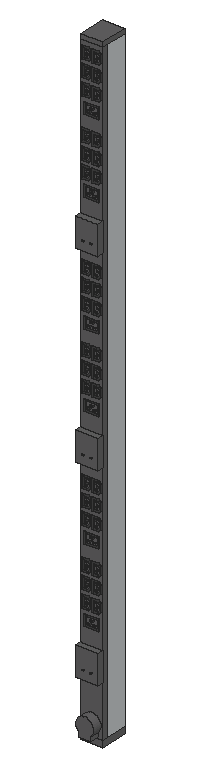
Revit family "PDU básico", category Installations électriques, Revit 2020 (continued)
Definition of nested family "Basic PDU_Prises"
  Nested families
    nested 191: "Prise rectangulaire" at (0, 0, 861.24), visible <- "646965", type "Prise rectangulaire"
    nested 192: "Prise rectangulaire" at (0, 0, 903.24), visible <- "646965", type "Prise rectangulaire"
    nested 193: "Prise ronde simple" at (0, 0, 938.705), visible <- "646965", type "Prise ronde simple"
    nested 194: "Prise ronde simple" at (0, 0, 971.705), visible <- "646965", type "Prise ronde simple"
    nested 195: "Prise ronde simple" at (0, 0, 1004.705), visible <- "646965", type "Prise ronde simple"
    nested 196: "Prise ronde simple" at (0, 0, 1037.705), visible <- "646965", type "Prise ronde simple"
    nested 197: "Prise ronde simple" at (0, 0, 1070.664), visible <- "646965", type "Prise ronde simple"
    nested 198: "Prise ronde simple" at (0, 0, 1103.664), visible <- "646965", type "Prise ronde simple"
    nested 199: "Prise ronde simple" at (0, 0, 1136.664), visible <- "646965", type "Prise ronde simple"
    nested 200: "Prise ronde simple" at (0, 0, 1169.664), visible <- "646965", type "Prise ronde simple"
    nested 201: "Module D" at (0, 0, 137.1), visible <- "646971", type "L = 52"
    nested 202: "Prise rectangulaire" at (0, 0, 254.981), visible <- "646971", type "Prise rectangulaire"
    nested 203: "Prise rectangulaire" at (0, 0, 296.981), visible <- "646971", type "Prise rectangulaire"
    nested 204: "Prise rectangulaire" at (0, 0, 338.981), visible <- "646971", type "Prise rectangulaire"
    nested 205: "Prise rectangulaire" at (0, 0, 380.942), visible <- "646971", type "Prise rectangulaire"
    nested 206: "Prise rectangulaire" at (0, 0, 422.942), visible <- "646971", type "Prise rectangulaire"
    nested 207: "Prise rectangulaire" at (0, 0, 464.942), visible <- "646971", type "Prise rectangulaire"
    nested 208: "Prise ronde double" at (0, 0, 502.963), visible <- "646971", type "Prise ronde double"
    nested 209: "Prise ronde double" at (0, 0, 541.963), visible <- "646971", type "Prise ronde double"
    nested 210: "Prise ronde double" at (0, 0, 580.963), visible <- "646971", type "Prise ronde double"
    nested 211: "Prise ronde double" at (0, 0, 619.963), visible <- "646971", type "Prise ronde double"
    nested 212: "Prise ronde double" at (0, 0, 658.963), visible <- "646971", type "Prise ronde double"
    nested 213: "Prise ronde double" at (0, 0, 697.963), visible <- "646971", type "Prise ronde double"
    nested 214: "Prise rectangulaire" at (0, 0, 755.539), visible <- "646971", type "Prise rectangulaire"
    nested 215: "Prise rectangulaire" at (0, 0, 797.539), visible <- "646971", type "Prise rectangulaire"
    nested 216: "Prise rectangulaire" at (0, 0, 839.538), visible <- "646971", type "Prise rectangulaire"
    nested 217: "Prise rectangulaire" at (0, 0, 881.499), visible <- "646971", type "Prise rectangulaire"
    nested 218: "Prise rectangulaire" at (0, 0, 923.499), visible <- "646971", type "Prise rectangulaire"
    nested 219: "Prise rectangulaire" at (0, 0, 965.499), visible <- "646971", type "Prise rectangulaire"
    nested 220: "Prise ronde double" at (0, 0, 1003.52), visible <- "646971", type "Prise ronde double"
    nested 221: "Prise ronde double" at (0, 0, 1042.52), visible <- "646971", type "Prise ronde double"
    nested 222: "Prise ronde double" at (0, 0, 1081.52), visible <- "646971", type "Prise ronde double"
    nested 223: "Prise ronde double" at (0, 0, 1120.52), visible <- "646971", type "Prise ronde double"
    nested 224: "Prise ronde double" at (0, 0, 1159.52), visible <- "646971", type "Prise ronde double"
    nested 225: "Prise ronde double" at (0, 0, 1198.52), visible <- "646971", type "Prise ronde double"
    nested 226: "Module D" at (0, 0, 137.1), visible <- "646972", type "L = 52"
    nested 227: "Prise rectangulaire" at (0, 0, 254.981), visible <- "646972", type "Prise rectangulaire"
    nested 228: "Prise rectangulaire" at (0, 0, 296.981), visible <- "646972", type "Prise rectangulaire"
    nested 229: "Prise rectangulaire" at (0, 0, 338.981), visible <- "646972", type "Prise rectangulaire"
    nested 230: "Prise ronde double" at (0, 0, 376.937), visible <- "646972", type "Prise ronde double"
    nested 231: "Prise ronde double" at (0, 0, 415.937), visible <- "646972", type "Prise ronde double"
    nested 232: "Prise ronde double" at (0, 0, 454.937), visible <- "646972", type "Prise ronde double"
    nested 233: "Prise ronde double" at (0, 0, 493.937), visible <- "646972", type "Prise ronde double"
    nested 234: "Prise ronde double" at (0, 0, 532.937), visible <- "646972", type "Prise ronde double"
    nested 235: "Prise ronde double" at (0, 0, 571.937), visible <- "646972", type "Prise ronde double"
    nested 236: "Prise ronde double" at (0, 0, 610.937), visible <- "646972", type "Prise ronde double"
    nested 237: "Prise ronde double" at (0, 0, 649.937), visible <- "646972", type "Prise ronde double"
    nested 238: "Prise ronde double" at (0, 0, 688.937), visible <- "646972", type "Prise ronde double"
    nested 239: "Prise rectangulaire" at (0, 0, 746.594), visible <- "646972", type "Prise rectangulaire"
    nested 240: "Prise rectangulaire" at (0, 0, 788.594), visible <- "646972", type "Prise rectangulaire"
    nested 241: "Prise rectangulaire" at (0, 0, 830.594), visible <- "646972", type "Prise rectangulaire"
    nested 242: "Prise ronde double" at (0, 0, 868.55), visible <- "646972", type "Prise ronde double"
    nested 243: "Prise ronde double" at (0, 0, 907.55), visible <- "646972", type "Prise ronde double"
    nested 244: "Prise ronde double" at (0, 0, 946.55), visible <- "646972", type "Prise ronde double"
    nested 245: "Prise ronde double" at (0, 0, 985.55), visible <- "646972", type "Prise ronde double"
    nested 246: "Prise ronde double" at (0, 0, 1024.55), visible <- "646972", type "Prise ronde double"
    nested 247: "Prise ronde double" at (0, 0, 1063.55), visible <- "646972", type "Prise ronde double"
    nested 248: "Prise ronde double" at (0, 0, 1102.55), visible <- "646972", type "Prise ronde double"
    nested 249: "Prise ronde double" at (0, 0, 1141.55), visible <- "646972", type "Prise ronde double"
    nested 250: "Prise ronde double" at (0, 0, 1180.55), visible <- "646972", type "Prise ronde double"
    nested 251: "Module D" at (0, 0, 137.199), visible <- "646973", type "L = 52"
    nested 252: "Prise rectangulaire" at (0, 0, 255.08), visible <- "646973", type "Prise rectangulaire"
    nested 253: "Prise rectangulaire" at (0, 0, 297.08), visible <- "646973", type "Prise rectangulaire"
    nested 254: "Prise ronde double" at (0, 0, 335.036), visible <- "646973", type "Prise ronde double"
    nested 255: "Prise ronde double" at (0, 0, 374.036), visible <- "646973", type "Prise ronde double"
    nested 256: "Prise rectangulaire" at (0, 0, 431.726), visible <- "646973", type "Prise rectangulaire"
    nested 257: "Prise rectangulaire" at (0, 0, 473.726), visible <- "646973", type "Prise rectangulaire"
    nested 258: "Prise ronde double" at (0, 0, 511.863), visible <- "646973", type "Prise ronde double"
    nested 259: "Prise ronde double" at (0, 0, 550.863), visible <- "646973", type "Prise ronde double"
    nested 260: "Module D" at (0, 0, 595.999), visible <- "646973", type "L = 52"
    nested 261: "Prise rectangulaire" at (0, 0, 713.881), visible <- "646973", type "Prise rectangulaire"
    nested 262: "Prise rectangulaire" at (0, 0, 755.881), visible <- "646973", type "Prise rectangulaire"
    nested 263: "Prise ronde double" at (0, 0, 793.837), visible <- "646973", type "Prise ronde double"
    nested 264: "Prise ronde double" at (0, 0, 832.837), visible <- "646973", type "Prise ronde double"
    nested 265: "Prise rectangulaire" at (0, 0, 890.526), visible <- "646973", type "Prise rectangulaire"
    nested 266: "Prise rectangulaire" at (0, 0, 932.526), visible <- "646973", type "Prise rectangulaire"
    nested 267: "Prise ronde double" at (0, 0, 970.663), visible <- "646973", type "Prise ronde double"
    nested 268: "Prise ronde double" at (0, 0, 1009.663), visible <- "646973", type "Prise ronde double"
    nested 269: "Module D" at (0, 0, 1054.477), visible <- "646973", type "L = 52"
    nested 270: "Prise rectangulaire" at (0, 0, 1172.358), visible <- "646973", type "Prise rectangulaire"
    nested 271: "Prise rectangulaire" at (0, 0, 1214.358), visible <- "646973", type "Prise rectangulaire"
    nested 272: "Prise ronde double" at (0, 0, 1252.314), visible <- "646973", type "Prise ronde double"
    nested 273: "Prise ronde double" at (0, 0, 1291.314), visible <- "646973", type "Prise ronde double"
    nested 274: "Prise rectangulaire" at (0, 0, 1349.004), visible <- "646973", type "Prise rectangulaire"
    nested 275: "Prise rectangulaire" at (0, 0, 1391.004), visible <- "646973", type "Prise rectangulaire"
    nested 276: "Prise ronde double" at (0, 0, 1429.141), visible <- "646973", type "Prise ronde double"
    nested 277: "Prise ronde double" at (0, 0, 1468.141), visible <- "646973", type "Prise ronde double"
    nested 278: "Module D" at (0, 0, 137.199), visible <- "646974", type "L = 52"
    nested 279: "Prise rectangulaire" at (0, 0, 255.08), visible <- "646974", type "Prise rectangulaire"
    nested 280: "Prise rectangulaire" at (0, 0, 297.08), visible <- "646974", type "Prise rectangulaire"
    nested 281: "Prise ronde double" at (0, 0, 335.036), visible <- "646974", type "Prise ronde double"
    nested 282: "Prise ronde double" at (0, 0, 374.036), visible <- "646974", type "Prise ronde double"
    nested 283: "Prise ronde double" at (0, 0, 413.037), visible <- "646974", type "Prise ronde double"
    nested 284: "Prise rectangulaire" at (0, 0, 470.727), visible <- "646974", type "Prise rectangulaire"
    nested 285: "Prise rectangulaire" at (0, 0, 512.727), visible <- "646974", type "Prise rectangulaire"
    nested 286: "Prise ronde double" at (0, 0, 550.682), visible <- "646974", type "Prise ronde double"
    nested 287: "Prise ronde double" at (0, 0, 589.682), visible <- "646974", type "Prise ronde double"
    nested 288: "Prise ronde double" at (0, 0, 628.683), visible <- "646974", type "Prise ronde double"
    nested 289: "Module D" at (0, 0, 673.614), visible <- "646974", type "L = 52"
    nested 290: "Prise rectangulaire" at (0, 0, 791.495), visible <- "646974", type "Prise rectangulaire"
    nested 291: "Prise rectangulaire" at (0, 0, 833.495), visible <- "646974", type "Prise rectangulaire"
    nested 292: "Prise ronde double" at (0, 0, 871.451), visible <- "646974", type "Prise ronde double"
    nested 293: "Prise ronde double" at (0, 0, 910.451), visible <- "646974", type "Prise ronde double"
    nested 294: "Prise ronde double" at (0, 0, 949.452), visible <- "646974", type "Prise ronde double"
    nested 295: "Prise rectangulaire" at (0, 0, 1007.141), visible <- "646974", type "Prise rectangulaire"
    nested 296: "Prise rectangulaire" at (0, 0, 1049.141), visible <- "646974", type "Prise rectangulaire"
    nested 297: "Prise ronde double" at (0, 0, 1087.097), visible <- "646974", type "Prise ronde double"
    nested 298: "Prise ronde double" at (0, 0, 1126.097), visible <- "646974", type "Prise ronde double"
    nested 299: "Prise ronde double" at (0, 0, 1165.098), visible <- "646974", type "Prise ronde double"
    nested 300: "Module D" at (0, 0, 1209.978), visible <- "646974", type "L = 52"
    nested 301: "Prise rectangulaire" at (0, 0, 1327.859), visible <- "646974", type "Prise rectangulaire"
    nested 302: "Prise rectangulaire" at (0, 0, 1369.859), visible <- "646974", type "Prise rectangulaire"
    nested 303: "Prise ronde double" at (0, 0, 1407.815), visible <- "646974", type "Prise ronde double"
    nested 304: "Prise ronde double" at (0, 0, 1446.815), visible <- "646974", type "Prise ronde double"
    nested 305: "Prise ronde double" at (0, 0, 1485.816), visible <- "646974", type "Prise ronde double"
    nested 306: "Prise rectangulaire" at (0, 0, 1543.505), visible <- "646974", type "Prise rectangulaire"
    nested 307: "Prise rectangulaire" at (0, 0, 1585.505), visible <- "646974", type "Prise rectangulaire"
    nested 308: "Prise ronde double" at (0, 0, 1623.461), visible <- "646974", type "Prise ronde double"
    nested 309: "Prise ronde double" at (0, 0, 1662.461), visible <- "646974", type "Prise ronde double"
    nested 310: "Prise ronde double" at (0, 0, 1701.462), visible <- "646974", type "Prise ronde double"
    nested 311: "Module D" at (0, 0, 137.267), visible <- "646975", type "L = 52"
    nested 312: "Prise rectangulaire" at (0, 0, 255.148), visible <- "646975", type "Prise rectangulaire"
    nested 313: "Prise ronde double" at (0, 0, 293.418), visible <- "646975", type "Prise ronde double"
    nested 314: "Prise ronde double" at (0, 0, 332.418), visible <- "646975", type "Prise ronde double"
    nested 315: "Prise ronde double" at (0, 0, 371.419), visible <- "646975", type "Prise ronde double"
    nested 316: "Prise rectangulaire" at (0, 0, 429.342), visible <- "646975", type "Prise rectangulaire"
    nested 317: "Prise ronde double" at (0, 0, 467.612), visible <- "646975", type "Prise ronde double"
    nested 318: "Prise ronde double" at (0, 0, 506.612), visible <- "646975", type "Prise ronde double"
    nested 319: "Prise ronde double" at (0, 0, 545.612), visible <- "646975", type "Prise ronde double"
    nested 320: "Module D" at (0, 0, 590.815), visible <- "646975", type "L = 52"
    nested 321: "Prise rectangulaire" at (0, 0, 708.696), visible <- "646975", type "Prise rectangulaire"
    nested 322: "Prise ronde double" at (0, 0, 746.966), visible <- "646975", type "Prise ronde double"
    nested 323: "Prise ronde double" at (0, 0, 785.966), visible <- "646975", type "Prise ronde double"
    nested 324: "Prise ronde double" at (0, 0, 824.967), visible <- "646975", type "Prise ronde double"
    nested 325: "Prise rectangulaire" at (0, 0, 882.89), visible <- "646975", type "Prise rectangulaire"
    nested 326: "Prise ronde double" at (0, 0, 921.16), visible <- "646975", type "Prise ronde double"
    nested 327: "Prise ronde double" at (0, 0, 960.16), visible <- "646975", type "Prise ronde double"
    nested 328: "Prise ronde double" at (0, 0, 999.16), visible <- "646975", type "Prise ronde double"
    nested 329: "Module D" at (0, 0, 1042.562), visible <- "646975", type "L = 52"
    nested 330: "Prise rectangulaire" at (0, 0, 1160.444), visible <- "646975", type "Prise rectangulaire"
    nested 331: "Prise ronde double" at (0, 0, 1198.714), visible <- "646975", type "Prise ronde double"
    nested 332: "Prise ronde double" at (0, 0, 1237.714), visible <- "646975", type "Prise ronde double"
    nested 333: "Prise ronde double" at (0, 0, 1276.714), visible <- "646975", type "Prise ronde double"
    nested 334: "Prise rectangulaire" at (0, 0, 1334.638), visible <- "646975", type "Prise rectangulaire"
    nested 335: "Prise ronde double" at (0, 0, 1372.907), visible <- "646975", type "Prise ronde double"
    nested 336: "Prise ronde double" at (0, 0, 1411.907), visible <- "646975", type "Prise ronde double"
    nested 337: "Prise ronde double" at (0, 0, 1450.908), visible <- "646975", type "Prise ronde double"
  Definition of nested family "Prise ronde double"
    Parameters
      Default Elevation = 0 mm
    Reference planes
      plane 1 "Centre (avant/arrière)": y = 0
      plane 2: z = 0
      plane 3 "Centre (gauche/droite)": x = 0
    Forms (mm)
      Extrusion 1, solid
        sketch origin (0, 0, -932.082) x (1, 0, 0) y (0, 0, 1)
          loop
            line (-7.233, 946.882) -> (-22.8, 946.882) -> (-22.8, 917.279) -> (-7.237, 917.279) -> (-1.193, 923.322) -> (-1.193, 940.842) -> (-7.233, 946.882)
          loop
            line (-19.828, 943.513) -> (-19.828, 920.651) -> (-9.69, 920.651) -> (-4.165, 926.473) -> (-4.165, 937.691) -> (-9.69, 943.513) -> (-19.828, 943.513)
          loop
            line (-16.618, 937.76) -> (-11.375, 937.76) -> (-11.375, 940.403) -> (-16.618, 940.403) -> (-16.618, 937.76)
          loop
            line (-7.375, 933.403) -> (-12.618, 933.403) -> (-12.618, 930.76) -> (-7.375, 930.76) -> (-7.375, 933.403)
          loop
            line (-11.375, 926.403) -> (-16.618, 926.403) -> (-16.618, 923.76) -> (-11.375, 923.76) -> (-11.375, 926.403)
          loop
            line (16.76, 946.882) -> (1.194, 946.882) -> (1.194, 917.279) -> (16.757, 917.279) -> (22.8, 923.322) -> (22.8, 940.842) -> (16.76, 946.882)
          loop
            line (4.166, 943.513) -> (4.166, 920.651) -> (14.303, 920.651) -> (19.828, 926.473) -> (19.828, 937.691) -> (14.303, 943.513) -> (4.166, 943.513)
          loop
            line (7.375, 937.76) -> (12.618, 937.76) -> (12.618, 940.403) -> (7.375, 940.403) -> (7.375, 937.76)
          loop
            line (16.618, 933.403) -> (11.375, 933.403) -> (11.375, 930.76) -> (16.618, 930.76) -> (16.618, 933.403)
          loop
            line (12.618, 926.403) -> (7.375, 926.403) -> (7.375, 923.76) -> (12.618, 923.76) -> (12.618, 926.403)
        from 0 to 1
    Dimensions and locks
      aligned and locked: level to plane 2
  Definition of nested family "Prise rectangulaire"
    Parameters (values of type "Prise rectangulaire")
      Default Elevation = 0 mm
    Reference planes
      plane 1 "Centre (avant/arrière)": y = 0
      plane 2: z = 0
      plane 3 "Centre (gauche/droite)": x = 0
    Forms (mm)
      Extrusion 1, solid
        sketch origin (0, 0, -815.082) x (1, 0, 0) y (0, 0, 1)
          loop
            line (17.311, 828.382) -> (-17.289, 828.382) -> (-17.289, 801.782) -> (17.311, 801.782) -> (17.311, 828.382)
          loop
            line (-13.932, 825.425) -> (-13.932, 804.739) -> (13.954, 804.739) -> (13.954, 825.425) -> (-13.932, 825.425)
          loop
            line (3.636, 820.407) -> (-3.614, 820.407) -> (-3.614, 817.757) -> (3.636, 817.757) -> (3.636, 820.407)
          loop
            line (9.636, 812.407) -> (3.386, 812.407) -> (3.386, 809.757) -> (9.636, 809.757) -> (9.636, 812.407)
          loop
            line (-3.364, 812.407) -> (-9.614, 812.407) -> (-9.614, 809.757) -> (-3.364, 809.757) -> (-3.364, 812.407)
        from 0 to 1
    Dimensions and locks
      aligned and locked: level to plane 2
  Definition of nested family "Prise ronde simple"
    Parameters
      Default Elevation = 0 mm
    Reference planes
      plane 1 "Centre (avant/arrière)": y = 0
      plane 2: z = 0
      plane 3 "Centre (gauche/droite)": x = 0
    Forms (mm)
      Extrusion 1, solid
        sketch origin (0, 0, -932.082) x (1, 0, 0) y (0, 0, 1)
          loop
            line (-14.802, 936.843) -> (-14.802, 921.277) -> (14.802, 921.277) -> (14.802, 936.84) -> (8.758, 942.883) -> (-8.761, 942.883) -> (-14.802, 936.843)
          loop
            line (-11.433, 924.249) -> (11.43, 924.249) -> (11.43, 934.387) -> (5.608, 939.911) -> (-5.611, 939.911) -> (-11.433, 934.387) -> (-11.433, 924.249)
          loop
            line (-5.68, 927.459) -> (-5.68, 932.702) -> (-8.323, 932.702) -> (-8.323, 927.459) -> (-5.68, 927.459)
          loop
            line (-1.323, 936.702) -> (-1.323, 931.459) -> (1.32, 931.459) -> (1.32, 936.702) -> (-1.323, 936.702)
          loop
            line (5.677, 932.702) -> (5.677, 927.459) -> (8.32, 927.459) -> (8.32, 932.702) -> (5.677, 932.702)
        from 0 to 1
    Dimensions and locks
      aligned and locked: level to plane 2
  Definition of nested family "Module D"
    Parameters (values of type "L = 44.3")
      Largeur = 44.3 mm
      Default Elevation = 0 mm
    Types (3, lengths in mm): name | Largeur
      (no name) | 44.3
      L = 44.3 | 44.3
      L = 52 | 52
    Reference planes
      plane 1 "Centre (avant/arrière)": y = 0
      plane 2: z = 0
      plane 3 "Centre (gauche/droite)": x = 0
      plane 4: x = 22.15
      plane 5: x = 22.15
      plane 6: x = -22.15
    Forms (mm)
      Extrusion 1, solid
        sketch origin (0, 0, -3.309) x (0, 1, 0) y (0, 0, 1)
          loop
            line (-15.1, 71.026) -> (-15.1, 3.572) -> (0, 3.309) -> (0, 71.29) -> (-15.1, 71.026)
        from -22.15 to 22.15
      Extrusion 2, solid
        sketch origin (4.012, -15.1, 77.848) x (0, 0, -1) y (1, 0, 0)
          loop
            line (56.318, -16.253) -> (58.095, -16.253) -> (58.095, -10.919) -> (56.318, -10.919) -> (56.318, -16.253)
          loop
            line (56.318, 2.928) -> (58.095, 2.928) -> (58.095, 8.262) -> (56.318, 8.262) -> (56.318, 2.928)
        from -0.7 to 0.3
    Lines and regions (mm)
      model lines
        curve 1: line (-19.081, -15.1, 47.665) -> (19.081, -15.1, 47.665)
        curve 2: line (-19.081, -15.1, 15.202) -> (-19.081, -15.1, 47.665)
        curve 3: line (19.081, -15.1, 15.202) -> (-19.081, -15.1, 15.202)
        curve 4: line (0, -15.1, 47.665) -> (0, -15.1, 15.202)
        curve 5: line (-16.892, -15.1, 45.875) -> (-16.892, -15.1, 32.033)
        curve 6: line (-1.892, -15.1, 32.033) -> (-16.892, -15.1, 32.033)
        curve 7: line (19.081, -15.1, 15.202) -> (19.081, -15.1, 47.665)
        curve 8: line (2.189, -15.1, 45.875) -> (2.189, -15.1, 32.033)
        curve 9: line (17.189, -15.1, 32.033) -> (2.189, -15.1, 32.033)
    Dimensions and locks
      equal spacing: plane 5, plane 3 "Centre (gauche/droite)", plane 6
      "Largeur": plane 6 to plane 5
      curve 7 to plane 3 "Centre (gauche/droite)" to curve 2 = 19.081 mm locked, 19.081 mm locked
      locked: curve 7 to curve 9 at 1.892
      Extrusion 2 sketch curve to Extrusion 2 sketch curve to plane 3 "Centre (gauche/droite)" to Extrusion 2 sketch curve to Extrusion 2 sketch curve = 5.334 mm locked, 6.941 mm locked, 6.907 mm locked, 5.334 mm locked
      aligned and locked: level to plane 2
      aligned and locked: Extrusion 1 to plane 5
      aligned and locked: Extrusion 1 to plane 6
      aligned and locked: plane 6 to Extrusion 1
      aligned and locked: plane 4 to plane 5
      aligned and locked: curve 4 to plane 3 "Centre (gauche/droite)"
    Automatic sketch dimensions
      Extrusion 1 sketch curve to plane 1 "Centre (avant/arrière)" = 0 mm
      level to Extrusion 1 sketch curve = 0 mm
      plane 1 "Centre (avant/arrière)" to Extrusion 1 sketch curve = 15.1 mm
      level to Extrusion 1 sketch curve = 0.264 mm
      Extrusion 1 sketch curve to Extrusion 1 sketch curve = 0.264 mm
      Extrusion 1 sketch curve to Extrusion 1 sketch curve = 67.454 mm
      Extrusion 1 to curve 1 = 20.053 mm
      curve 4 to curve 8 = 15.632 mm
      curve 1 to curve 5 = 15.632 mm
      curve 2 to curve 5 = 2.189 mm
      curve 4 to curve 8 = 1.789 mm
      curve 1 to curve 5 = 1.789 mm
      curve 4 to curve 8 = 2.189 mm
      curve 6 to curve 8 = 4.081 mm
      Extrusion 1 to Extrusion 2 sketch curve = 21.267 mm
      Extrusion 2 sketch curve to Extrusion 2 sketch curve = 0 mm
      Extrusion 2 sketch curve to Extrusion 2 sketch curve = 1.778 mm  (x2)
      Extrusion 1 to curve 3 = 14.938 mm
Definition of nested family "Alimentation"
  Parameters (values of type "Prise rectangulaire")
    Prise rotative = no
    Prise rectangulaire = yes
    Default Elevation = 0 mm
  Types (2, lengths in mm): name | Prise rotative | Prise rectangulaire
    Prise rotative | yes | no
    Prise rectangulaire | no | yes
  Reference planes
    plane 1 "Centre (avant/arrière)": y = 0
    plane 2: z = 0
    plane 3 "Centre (gauche/droite)": x = 0
    plane 4: x = -22.15
    plane 5: x = 22.15
  Forms (mm)
    Extrusion 1, solid, visible <- "Prise rectangulaire", detail levels fine
      sketch origin (0, 0, 0) x (1, 0, 0) y (0, 0, 1)
        loop
          line (-14.8, 50.167) -> (-14.8, 28.667) -> (14.8, 28.667) -> (14.8, 50.167) -> (-14.8, 50.167)
        loop
          line (3.95, 36.417) -> (3.95, 34.417) -> (8.95, 34.417) -> (8.95, 36.417) -> (3.95, 36.417)
        loop
          line (-3.05, 44.417) -> (-3.05, 42.417) -> (2.95, 42.417) -> (2.95, 44.417) -> (-3.05, 44.417)
        loop
          line (-3.95, 36.417) -> (-8.95, 36.417) -> (-8.95, 34.417) -> (-3.95, 34.417) -> (-3.95, 36.417)
      from 0 to 1
    Extrusion 2, solid, visible <- "Prise rotative"
      sketch origin (0, 0, 0) x (1, 0, 0) y (0, 0, 1)
        loop
          arc (14.384, 28.145) -> (0, 65.582) -> (-14.384, 28.145) r 21.482
          line (-14.384, 28.145) -> (-14.384, 18.1) -> (14.384, 18.1) -> (14.384, 28.145)
      from 0 to 21.1
  Lines and regions (mm)
    model lines, visible <- "Prise rectangulaire", detail levels fine
      curve 1: line (-18.15, 0, 52.917) -> (18.15, 0, 52.917)
      curve 2: line (-18.15, 0, 25.917) -> (-18.15, 0, 52.917)
      curve 3: line (-18.15, 0, 25.917) -> (18.15, 0, 25.917)
      curve 4: line (18.15, 0, 25.917) -> (18.15, 0, 52.917)
    model lines, visible <- "Prise rotative", detail levels fine
      curve 5: arc (11.549, -21.1, 29.46) -> (0, -21.1, 62.746) -> (-11.549, -21.1, 29.46) r 18.646
      curve 6: line (-11.549, -21.1, 29.46) -> (-11.549, -21.1, 18.1)
      curve 7: line (11.549, -21.1, 29.46) -> (11.549, -21.1, 18.1)
  Dimensions and locks
    plane 5 to plane 3 "Centre (gauche/droite)" to plane 4 = 22.15 mm, 22.15 mm
    plane 5 to plane 4 = 44.3 mm
    aligned and locked: level to plane 2
Types (13, lengths in mm): name | Tipo de conexión eléctrica | Sección de cable MIN_MAX | Profundidad (mm) | Profondeur cuve + capot | Prise_alimentation | Número de tomas C19 | Número de tomas C13 | Número de pieza Legrand | Número de fases | Número de disyuntores | Marcaje | Longitud | EAN | E-catalogo enlace | Description | Corriente de alimentación | Anchura (mm) | 646975 | 646974 | 646973 | 646972 | 646971 | 646965 | 646964 | 646963 | 646962 | 646961 | 646960 | 646911 | 646910
  PDU 0U 3P 16A 36xC13+6xC19 | "CEE 16 A" | "2.5-2.5" | 67.4 | 65 | Alimentation : Prise rotative | 6 | 36 | "LG-646910" | 3 | 0 | yes | 1113 | "3414971972902" | "https://www.legrand.fr/reference/646910/pro" | "PDU vertical 3 phase 16A with 36 x C13 + 6 x C19 locking outlets IEC60309" | "16-16" | 52 | no | no | no | no | no | no | no | no | no | no | no | no | yes
  PDU 0U 3P 16A 24xC13+12xC19 | "CEE 16 A" | "2.5-2.5" | 67.4 | 65 | Alimentation : Prise rotative | 12 | 24 | "LG-646911" | 3 | 0 | yes | 1131 | "3414971972919" | "https://www.legrand.fr/reference/646911/pro" | "PDU vertical 3 phase 16A with 24 x C13 + 12 x C19 locking outlets IEC60309" | "16-16" | 52 | no | no | no | no | no | no | no | no | no | no | no | yes | no
  PDU 0U 1P 16A 18xC13+6xC19 | "CEE 16 A" | "2.5-2.5" | 59.9 | 57.5 | Alimentation : Prise rotative | 6 | 18 | "LG-646960" | 1 | 0 | yes | 975 | "3414972471374" | "https://www.legrand.fr/reference/646960/pro" | "PDU BASIC 0U 1 PHASE 16A , 18+6 C13/C19 LOCKING OUTLETS , IEC 60309" | "16-16" | 44.3 | no | no | no | no | no | no | no | no | no | no | yes | no | no
  PDU 0U 1P 16A 20xC13+4xC19 | "C20" | "1.5-2.5" | 59.9 | 57.5 | Alimentation : Prise rectangulaire | 4 | 20 | "LG-646961" | 1 | 0 | no | 902 | "3414972471381" | "https://www.legrand.fr/reference/646961/pro" | "PDU BASIC 0U 1 PHASE 16A , 20+4 C13/C19 LOCKING OUTLETS , IEC-320 C20" | "16-16" | 44.3 | no | no | no | no | no | no | no | no | no | yes | no | no | no
  PDU 0U 1P 32A 20xC13+4xC19 | "CEE 32 A" | "6-6" | 74.9 | 57.5 | Alimentation : Prise rotative | 4 | 20 | "LG-646962" | 1 | 2 | yes | 1092 | "3414972471398" | "https://www.legrand.fr/reference/646962/pro" | "PDU BASIC 0U 1 PHASE 32A , 20+4 C13/C19 LOCKING OUTLETS , IEC 60309" | "32-32" | 44.3 | no | no | no | no | no | no | no | no | yes | no | no | no | no
  PDU 0U 1P 32A 12xC13+12xC19 | "CEE 16 A" | "6-6" | 74.9 | 57.5 | Alimentation : Prise rotative | 12 | 12 | "LG-646963" | 1 | 2 | yes | 1164 | "3414972471404" | "https://www.legrand.fr/reference/646963/pro" | "PDU BASIC 0U 1 PHASE 32A , 12+12 C13/C19 LOCKING OUTLETS , IEC 60309" | "32-32" | 44.3 | no | no | no | no | no | no | no | yes | no | no | no | no | no
  PDU 0U 3P 16A 21xC13+3xC19 | "CEE 16 A" | "2.5-2.5" | 59.9 | 57.5 | Alimentation : Prise rotative | 3 | 21 | "LG-646964" | 3 | 0 | yes | 978 | "3414972471411" | "https://www.legrand.fr/reference/646964/pro" | "PDU BASIC 0U 3 PHASE 16A , 21+3 C13/C19 LOCKING OUTLETS , IEC 60309" | "16-16" | 44.3 | no | no | no | no | no | no | yes | no | no | no | no | no | no
  PDU 0U 3P 16A 24xC13+6xC19 | "CEE 16 A" | "2.5-2.5" | 59.9 | 57.5 | Alimentation : Prise rotative | 6 | 24 | "LG-646965" | 3 | 0 | yes | 1203 | "3414972471428" | "https://www.legrand.fr/reference/646965/pro" | "PDU BASIC 0U 3 PHASE 16A , 24+6 C13/C19 LOCKING OUTLETS , IEC 60309" | "16-16" | 44.3 | no | no | no | no | no | yes | no | no | no | no | no | no | no
  PDU HD 0U 1P 32A 24xC13+12xC19 | "CEE 32 A" | "6-6" | 82.4 | 65 | Alimentation : Prise rotative | 12 | 24 | "LG-646971" | 1 | 2 | yes | 1236 | "3414972471459" | "https://www.legrand.fr/reference/646971/pro" | "PDU HD BASIC 0U 1 PHASE 32A , 24+12 C13/C19  LOCKING OUTLETS , IEC 60309" | "32-32" | 52 | no | no | no | no | yes | no | no | no | no | no | no | no | no
  PDU HD 0U 1P 32A 36xC13+6xC19 | "CEE 32 A" | "6-6" | 82.4 | 65 | Alimentation : Prise rotative | 6 | 36 | "LG-646972" | 1 | 2 | yes | 1218 | "3414972471466" | "https://www.legrand.fr/reference/646972/pro" | "PDU HD BASIC 0U 1 PHASE 32A , 36+6 C13/C19  LOCKING OUTLETS , IEC 60309" | "32-32" | 52 | no | no | no | yes | no | no | no | no | no | no | no | no | no
  PDU HD 0U 3P 32A 24xC13+12xC19 | "CEE 32 A" | "6-6" | 82.4 | 65 | Alimentation : Prise rotative | 12 | 24 | "LG-646973" | 3 | 6 | yes | 1506 | "3414972471473" | "https://www.legrand.fr/reference/646973/pro" | "PDU HD BASIC 0U 3 PHASE 32A , 24+12 C13/C19 LOCKING OUTLETS, IEC 60309" | "32-32" | 52 | no | no | yes | no | no | no | no | no | no | no | no | no | no
  PDU HD 0U 3P 32A 36xC13+12xC19 | "CEE 32 A" | "6-6" | 82.4 | 65 | Alimentation : Prise rotative | 12 | 36 | "LG-646974" | 3 | 6 | yes | 1740 | "3414972471480" | "https://www.legrand.fr/reference/646974/pro" | "PDU HD BASIC 0U 3 PHASE 32A , 36+12 C13/C19 LOCKING OUTLETS, IEC 60309" | "32-32" | 52 | no | yes | no | no | no | no | no | no | no | no | no | no | no
  PDU HD 0U 3P 32A 36xC13+6xC19 | "CEE 32 A" | "6-6" | 82.4 | 65 | Alimentation : Prise rotative | 6 | 36 | "LG-646975" | 3 | 6 | yes | 1488 | "3414972471497" | "https://www.legrand.fr/reference/646975/pro" | "PDU HD BASIC 0U 3 PHASE 32A , 36+6 C13/C19 LOCKING OUTLETS, IEC 60309" | "32-32" | 52 | yes | no | no | no | no | no | no | no | no | no | no | no | no
